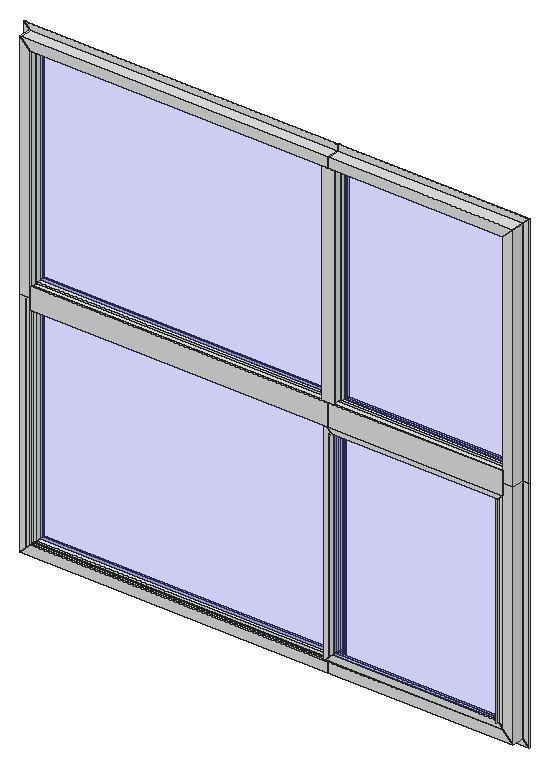
Revit family "531_XO-UT_stucco", category Windows, host Wall, Revit 2016
Family settings
  Host = Wall
  OmniClass Number = 23.30.20.00
  OmniClass Title = Windows
  Always vertical = Yes
  Cut with Voids When Loaded = No
  Shared = No
  Room Calculation Point = No
Parameters (values of type "96x90")
  VBS = 36"
  MLW3 = 1 / 8 * HBS  # 5 5/8"
  MLW2 = 1 / 8 * (Width - VBS)  # 7 1/2"
  MLW = 1 / 8 * VBS  # 4 1/2"
  Interior Color [instance] = White
  Height = 90"
  HBS = 1 / 2 * Height  # 45"
  Exterior Color [instance] = White
  Default Sill Height = 31.49606"
  Wall Closure = By host
  Width = 96"
Reference planes (in)
  plane 1 "Center (Front/Back)": y = 0
  plane 2 "Center (Left/Right)": x = 0
  plane 3 "Left": x = -48
  plane 4 "Right": x = 48
  plane 5 "Sill": z = 31.49606
  plane 6 "Head": z = 121.49606
  plane 7 "Exterior": y = 3.93701
  plane 8 "Interior": y = -3.93701
  plane 9 "Front of wall": y = 3.93701
  plane 10 "HBS": z = 76.49606
  plane 11 "VBS": x = 12
  plane 12: x = 11.13398
  plane 13: x = 45.4765
  plane 14: x = 11.5
  plane 15: x = -46.6
  plane 16: x = 46.60086
  plane 17: x = 12.7501
  plane 18: z = 74.88606
  plane 19: z = 78.10606
  plane 20: z = 120.09682
  plane 21: z = 32.89606
  plane 22: z = 73.76406
  plane 23: z = 34.06206
  plane 24 "Front of glass": y = 4.58851
Forms (in)
  Extrusion 1, solid, material "White" <- "Interior Color"
    sketch origin (0, 0, 76.49606) x (1, 0, 0) y (0, 1, 0)
      loop
        line (-48, 1.50201) -> (-46.1, 1.50201) -> (-46.1, 1.70201) -> (-46.4451, 1.70201) -> (-46.4451, 3.20201) -> (-46.1001, 3.20201) -> (-46.1001, 3.81451) -> (-46.6001, 3.81451) -> (-46.6001, 4.55851) -> (-46.13685, 4.55851) -> (-46.1621, 4.59801) -> (-46.1621, 4.96191) -> (-46.725, 4.96191) -> (-46.725, 5.00201) -> (-48.2, 5.00201) -> (-48.2, 4.93701) -> (-48, 4.93701) -> (-48, 4.00201) -> (-49.25, 4.00201) -> (-49.25, 3.93701) -> (-48, 3.93701) -> (-48, 1.50201)
    from 0 to 46.25
  Extrusion 2, solid, material "White" <- "Interior Color"
    sketch origin (0, 0, 76.49606) x (1, 0, 0) y (0, 1, 0)
      loop
        line (10.7499, 1.50201) -> (13.2501, 1.50201) -> (13.2501, 1.70201) -> (12.9051, 1.70201) -> (12.9051, 3.20201) -> (13.2501, 3.20201) -> (13.2501, 3.81451) -> (12.7501, 3.81451) -> (12.7501, 4.55851) -> (13.21336, 4.55851) -> (13.1881, 4.59801) -> (13.1881, 4.96191) -> (12.6251, 4.96191) -> (12.6251, 5.00201) -> (11.3749, 5.00201) -> (11.3749, 4.96191) -> (10.8119, 4.96191) -> (10.8119, 4.59801) -> (10.78664, 4.55851) -> (11.2499, 4.55851) -> (11.2499, 3.81451) -> (10.7499, 3.81451) -> (10.7499, 3.20201) -> (11.0949, 3.20201) -> (11.0949, 1.70201) -> (10.7499, 1.70201) -> (10.7499, 1.50201)
    from 0 to 45
  Extrusion 3, solid, material "White" <- "Interior Color"
    sketch origin (0, 0, 76.49606) x (1, 0, 0) y (0, 1, 0)
      loop
        line (48, 1.50201) -> (48, 3.93701) -> (49.25, 3.93701) -> (49.25, 4.00201) -> (48, 4.00201) -> (48, 4.93701) -> (48.2, 4.93701) -> (48.2, 5.00201) -> (46.725, 5.00201) -> (46.725, 4.96191) -> (46.1621, 4.96191) -> (46.1621, 4.59801) -> (46.13685, 4.55851) -> (46.60086, 4.55851) -> (46.60086, 3.81451) -> (46.1001, 3.81451) -> (46.1001, 3.20201) -> (46.4451, 3.20201) -> (46.4451, 1.70201) -> (46.1, 1.70201) -> (46.1, 1.50201) -> (48, 1.50201)
    from 0 to 46.25
  Extrusion 4, solid, material "White" <- "Interior Color"
    sketch origin (12, 0, 0) x (0, 0, 1) y (0, 1, 0)
      loop
        line (32.81212, 4.99191) -> (32.77445, 5.00201) -> (31.29606, 5.00201) -> (31.29606, 4.93701) -> (31.49606, 4.93701) -> (31.49606, 4.00201) -> (30.24606, 4.00201) -> (30.24606, 3.93701) -> (31.49606, 3.93701) -> (31.49606, 1.50201) -> (33.39606, 1.50201) -> (33.39606, 1.70201) -> (33.02406, 1.70201) -> (33.02406, 2.61032) -> (32.89606, 2.61032) -> (32.89606, 3.20201) -> (33.39606, 3.20201) -> (33.39606, 3.84451) -> (32.89606, 3.84451) -> (32.89606, 4.58851) -> (33.35932, 4.58851) -> (33.33406, 4.62801) -> (33.33406, 4.99191) -> (32.81212, 4.99191)
    from 61.25 to 0
  Extrusion 5, solid, material "White" <- "Interior Color"
    sketch origin (12, 0, 0) x (0, 0, 1) y (0, 1, 0)
      loop
        line (121.49606, 1.50201) -> (121.49606, 3.93701) -> (122.74606, 3.93701) -> (122.74606, 4.00201) -> (121.49606, 4.00201) -> (121.49606, 4.93701) -> (121.69606, 4.93701) -> (121.69606, 5.00201) -> (120.22106, 5.00201) -> (120.22106, 4.95973) -> (119.65806, 4.95973) -> (119.65806, 4.59801) -> (119.63281, 4.55851) -> (120.09606, 4.55851) -> (120.09606, 3.81451) -> (119.59606, 3.81451) -> (119.59606, 3.20201) -> (119.94106, 3.20201) -> (119.94106, 1.70201) -> (119.59606, 1.70201) -> (119.59606, 1.50201) -> (121.49606, 1.50201)
    from 61.25 to 0
  Extrusion 6, solid, material "White" <- "Interior Color"
    sketch origin (12, 0, 0) x (0, 0, 1) y (0, 1, 0)
      loop
        line (74.96915, 4.99191) -> (74.44806, 4.99191) -> (74.44806, 4.62801) -> (74.42281, 4.58851) -> (74.88606, 4.58851) -> (74.88606, 3.84451) -> (74.38606, 3.84451) -> (74.38606, 3.20201) -> (75.22973, 3.20201) -> (75.22973, 1.70201) -> (74.38606, 1.70201) -> (74.38606, 1.50201) -> (78.60606, 1.50201) -> (78.60606, 1.70201) -> (78.26098, 1.70201) -> (78.26098, 3.20201) -> (78.60606, 3.20201) -> (78.60606, 3.81451) -> (78.10606, 3.81451) -> (78.10606, 4.55851) -> (78.56932, 4.55851) -> (78.54406, 4.59801) -> (78.54406, 4.96191) -> (77.98106, 4.96191) -> (77.98106, 5.00201) -> (75.01106, 5.00201) -> (74.96915, 4.99191)
    from 60 to 0
  Extrusion 7, solid, material "White" <- "Interior Color"
    sketch origin (12, 0, 0) x (0, 0, 1) y (0, 1, 0)
      loop
        line (31.49606, 1.50201) -> (33.39606, 1.50201) -> (33.39606, 1.70201) -> (34.56206, 1.70201) -> (34.56206, 1.94451) -> (34.06206, 1.94451) -> (34.06206, 2.06651) -> (34.56206, 2.06651) -> (34.56206, 2.56651) -> (34.06206, 2.56651) -> (34.06206, 2.68851) -> (34.52532, 2.68851) -> (34.50006, 2.72801) -> (34.50006, 3.10201) -> (33.39606, 3.10201) -> (33.39606, 3.75201) -> (32.64606, 3.75201) -> (32.64606, 4.25201) -> (32.77106, 4.25201) -> (32.77106, 5.00201) -> (31.29606, 5.00201) -> (31.29606, 4.93701) -> (31.49606, 4.93701) -> (31.49606, 4.00201) -> (30.24606, 4.00201) -> (30.24606, 3.93701) -> (31.49606, 3.93701) -> (31.49606, 1.50201)
    from 0.86602 to -37.25
  Extrusion 8, solid, material "White" <- "Interior Color"
    sketch origin (12, 0, 0) x (0, 0, 1) y (0, 1, 0)
      loop
        line (121.49606, 1.50201) -> (121.49606, 3.93701) -> (122.74607, 3.93701) -> (122.74607, 4.00201) -> (121.49606, 4.00201) -> (121.49606, 4.93701) -> (121.69606, 4.93701) -> (121.69606, 5.00201) -> (120.22106, 5.00201) -> (120.22106, 4.96191) -> (119.65803, 4.96191) -> (119.65803, 4.59801) -> (119.63281, 4.55851) -> (120.09606, 4.55851) -> (120.09606, 4.43651) -> (119.59606, 4.43651) -> (119.59606, 3.93651) -> (120.09606, 3.93651) -> (120.09606, 3.81451) -> (119.59606, 3.81451) -> (119.59606, 3.20201) -> (119.94106, 3.20201) -> (119.94106, 1.70201) -> (119.59491, 1.70201) -> (119.59491, 1.50201) -> (121.49606, 1.50201)
    from 0 to -37.25
  Extrusion 9, solid, material "White" <- "Interior Color"
    sketch origin (12, 0, 0) x (0, 0, 1) y (0, 1, 0)
      loop
        line (73.88906, 3.10201) -> (73.85139, 3.09191) -> (73.32606, 3.09191) -> (73.32606, 2.72801) -> (73.30081, 2.68851) -> (73.76406, 2.68851) -> (73.76406, 2.56651) -> (73.26406, 2.56651) -> (73.26406, 2.06651) -> (73.76406, 2.06651) -> (73.76406, 1.94451) -> (73.26406, 1.94451) -> (73.26406, 1.70201) -> (74.38606, 1.70201) -> (74.38606, 1.50201) -> (78.60606, 1.50201) -> (78.60606, 1.70201) -> (78.26107, 1.70201) -> (78.26107, 3.20201) -> (78.60606, 3.20201) -> (78.60606, 3.81451) -> (78.10506, 3.81451) -> (78.10606, 3.93651) -> (78.60606, 3.93651) -> (78.60606, 4.43651) -> (78.10606, 4.43651) -> (78.10606, 4.55851) -> (78.56932, 4.55851) -> (78.54406, 4.59801) -> (78.54406, 4.96191) -> (77.98106, 4.95973) -> (77.98106, 5.00201) -> (75.01106, 5.00201) -> (75.01106, 4.25201) -> (75.13606, 4.25201) -> (75.13606, 3.75201) -> (74.38606, 3.75201) -> (74.38606, 3.10201) -> (73.88906, 3.10201)
    from 0.86602 to -36
  Extrusion 10, solid, material "White" <- "Interior Color"
    sketch origin (0, 0, 31.49606) x (0, -1, 0) y (1, 0, 0)
      loop
        line (-1.50201, -48) -> (-1.50201, -46.1) -> (-1.70201, -46.1) -> (-1.70201, -46.975) -> (-3.20201, -46.975) -> (-3.20201, -46.1005) -> (-3.84451, -46.1005) -> (-3.84451, -46.6005) -> (-4.58851, -46.6005) -> (-4.58851, -46.13724) -> (-4.62801, -46.1625) -> (-4.99191, -46.1625) -> (-4.99191, -46.69787) -> (-5.00201, -46.74) -> (-5.00201, -48.2) -> (-4.93701, -48.2) -> (-4.93701, -48) -> (-4.00201, -48) -> (-4.00201, -49.25) -> (-3.93701, -49.25) -> (-3.93701, -48) -> (-1.50201, -48)
    from -1.25 to 45
  Extrusion 11, solid, material "White" <- "Interior Color"
    sketch origin (0, 0, 31.49606) x (0, -1, 0) y (1, 0, 0)
      loop
        line (-1.50201, 48) -> (-3.93701, 48) -> (-3.93701, 49.25) -> (-4.00201, 49.25) -> (-4.00201, 48) -> (-4.93701, 48) -> (-4.93701, 48.2) -> (-5.00201, 48.2) -> (-5.00201, 46.725) -> (-4.25201, 46.725) -> (-4.25201, 46.85) -> (-3.75201, 46.85) -> (-3.75201, 46.1) -> (-3.19157, 46.1) -> (-3.10201, 46.1) -> (-3.10201, 45.6155) -> (-3.09191, 45.57287) -> (-3.09191, 45.0375) -> (-2.72801, 45.0375) -> (-2.68851, 45.01224) -> (-2.68851, 45.4765) -> (-1.94451, 45.4765) -> (-1.94451, 44.9755) -> (-1.26451, 44.9755)
        arc (-1.26451, 44.9755) -> (-1.21774, 45.07946) -> (-1.32656, 45.0455) r 0.0625
        line (-1.32656, 45.0455) -> (-1.70201, 45.0455) -> (-1.70201, 46.1) -> (-1.50201, 46.1) -> (-1.50201, 48)
    from -1.25 to 45
  Extrusion 12, solid, material "White" <- "Interior Color"
    sketch origin (0, 0, 31.49606) x (0, -1, 0) y (1, 0, 0)
      loop
        line (-5.00201, 11.625) -> (-4.99191, 11.58526) -> (-4.99191, 11.062) -> (-4.62801, 11.062) -> (-4.58851, 11.03674) -> (-4.58851, 11.5) -> (-3.84451, 11.5) -> (-3.84451, 11) -> (-1.70201, 11) -> (-1.70201, 12.43) -> (-1.32755, 12.43)
        arc (-1.32755, 12.43) -> (-1.21851, 12.39519) -> (-1.26451, 12.5) r 0.06279
        line (-1.26451, 12.5) -> (-1.94451, 12.5) -> (-1.94451, 12) -> (-2.68851, 12) -> (-2.68851, 12.46326) -> (-2.72801, 12.438) -> (-3.23201, 12.438) -> (-3.23201, 12.625) -> (-3.68201, 12.625) -> (-3.68201, 13.04) -> (-3.78201, 13.04) -> (-3.78201, 12.625) -> (-4.28201, 12.625) -> (-4.28201, 13.04) -> (-4.38201, 13.04) -> (-4.38201, 12.625) -> (-5.00201, 12.625) -> (-5.00201, 11.625)
    from 0 to 45
  Sweep 13, void
    path in 3D
      loop
        line (46.80662, 8.3967, 121.49606) -> (46.80662, 3.93701, 121.49606)
    profile origin (46.80662, 6.16685, 121.49606) x (1, 0, 0) y (0, 0, 1)
      loop
        line (3.1893, 1.99592) -> (-1.79926, -2.99264) -> (3.45074, -2.99264) -> (3.1893, 1.99592)
  Sweep 14, void
    path in 3D
      loop
        line (46.80662, 8.3967, 121.49606) -> (46.80662, 3.93701, 121.49606)
    profile origin (46.80662, 6.16685, 121.49606) x (1, 0, 0) y (0, 0, 1)
      loop
        line (3.09719, 1.90381) -> (-2.15281, 1.90381) -> (-2.15281, -3.34619) -> (3.09719, 1.90381)
  Sweep 15, void
    path in 3D
      loop
        line (1.39508, 8.6167, 121.49606) -> (1.39508, 3.93701, 121.49606)
    profile origin (1.39508, 6.27686, 121.49606) x (1, 0, 0) y (0, 0, 1)
      loop
        line (12.0647, -2.10967) -> (11.23003, -1.275) -> (9.97982, -1.275) -> (9.14515, -2.10967) -> (12.0647, -2.10967)
  Sweep 16, void
    path in 3D
      loop
        line (1.39508, 8.6167, 121.49606) -> (1.39508, 3.93701, 121.49606)
    profile origin (1.39508, 6.27686, 121.49606) x (1, 0, 0) y (0, 0, 1)
      loop
        line (12.233, -2.27797) -> (12.233, 1.6256) -> (8.483, 1.6256) -> (8.483, -2.77182) -> (9.97982, -1.275) -> (11.23003, -1.275) -> (12.233, -2.27797)
  Sweep 17, void
    path in 3D
      loop
        line (-46.76975, 9.89862, 121.49606) -> (-46.76975, 3.93701, 121.49606)
    profile origin (-46.76975, 6.91781, 121.49606) x (1, 0, 0) y (0, 0, 1)
      loop
        line (-3.09116, 1.86091) -> (-3.09116, -2.63909) -> (1.40884, -2.63909) -> (-3.09116, 1.86091)
  Sweep 18, void
    path in 3D
      loop
        line (-46.76975, 9.89862, 121.49606) -> (-46.76975, 3.93701, 121.49606)
    profile origin (-46.76975, 6.91781, 121.49606) x (1, 0, 0) y (0, 0, 1)
      loop
        line (-2.87149, 1.64124) -> (0.87851, -2.10876) -> (0.87851, 1.64124) -> (-2.87149, 1.64124)
  Sweep 19, void
    path in 3D
      loop
        line (-45.76975, 9.89862, 76.49606) -> (-45.76975, 3.93701, 76.49606)
    profile origin (-45.76975, 6.91781, 76.49606) x (1, 0, 0) y (0, 0, 1)
      loop
        line (-0.97025, 1.47) -> (-0.97025, -1.47) -> (0.17795, -2.6182) -> (0.17795, 2.6182) -> (-0.97025, 1.47)
  Sweep 20, void
    path in 3D
      loop
        line (-45.76975, 9.89862, 76.49606) -> (-45.76975, 3.93701, 76.49606)
    profile origin (-45.76975, 6.91781, 76.49606) x (1, 0, 0) y (0, 0, 1)
      loop
        line (0.21676, 2.65701) -> (-3.86226, 2.65701) -> (-3.86226, -2.34299) -> (-0.09726, -2.34299) -> (-0.97025, -1.47) -> (-0.97025, 1.47) -> (0.21676, 2.65701)
  Sweep 21, void
    path in 3D
      loop
        line (-44.51975, 9.89862, 31.49606) -> (-44.51975, 3.93701, 31.49606)
    profile origin (-44.51975, 6.91781, 31.49606) x (1, 0, 0) y (0, 0, 1)
      loop
        line (-5.48761, -2.00736) -> (-0.48761, -2.00736) -> (-0.48761, 2.99264) -> (-5.48761, -2.00736)
  Sweep 22, void
    path in 3D
      loop
        line (-44.51975, 9.89862, 31.49606) -> (-44.51975, 3.93701, 31.49606)
    profile origin (-44.51975, 6.91781, 31.49606) x (1, 0, 0) y (0, 0, 1)
      loop
        line (-5.29156, -1.81131) -> (-0.66439, 2.81586) -> (-5.29156, 2.81586) -> (-5.29156, -1.81131)
  Sweep 23, void
    path in 3D
      loop
        line (12.75, 8.6167, 31.49606) -> (12.75, 3.93701, 31.49606)
    profile origin (12.75, 6.27686, 31.49606) x (1, 0, 0) y (0, 0, 1)
      loop
        line (-2.51221, 2.66221) -> (-2.51221, -1.975) -> (0.375, -1.975) -> (0.375, 1.275) -> (-1.125, 1.275) -> (-2.51221, 2.66221)
  Sweep 24, void
    path in 3D
      loop
        line (12.75, 8.6167, 31.49606) -> (12.75, 3.93701, 31.49606)
    profile origin (12.75, 6.27686, 31.49606) x (1, 0, 0) y (0, 0, 1)
      loop
        line (-1.125, 1.275) -> (-0.75, 1.275) -> (-0.75, 2.525) -> (-2.375, 2.525) -> (-1.125, 1.275)
  Extrusion 25, void
    sketch origin (0, 3.93701, 0) x (1, 0, 0) y (0, 0, 1)
      loop
        line (13.084, 35.14606) -> (10.584, 35.14606) -> (10.584, 30.64606) -> (12, 30.64606) -> (12, 33.39606) -> (11.334, 33.39606) -> (13.084, 35.14606)
    from 0 to 12
  Extrusion 26, void
    sketch origin (0, 3.93701, 0) x (1, 0, 0) y (0, 0, 1)
      loop
        line (12.5, 34.56206) -> (11.334, 33.39606) -> (10.45391, 33.39606) -> (10.45391, 30.89606) -> (13.20391, 30.89606) -> (13.20391, 34.56206) -> (12.5, 34.56206)
    from 0 to 12
  Extrusion 27, void
    sketch origin (0, 3.93701, 0) x (1, 0, 0) y (0, 0, 1)
      loop
        line (13.13885, 72.62522) -> (11.378, 74.38606) -> (12, 74.38606) -> (12, 79.38587) -> (10.5, 79.38587) -> (10.5, 72.62522) -> (13.13885, 72.62522)
    from 0 to 12
  Extrusion 28, void
    sketch origin (0, 3.93701, 0) x (1, 0, 0) y (0, 0, 1)
      loop
        line (12.5, 73.26406) -> (14.27278, 73.26406) -> (14.27278, 78.60606) -> (10.628, 78.60606) -> (10.628, 74.38606) -> (11.378, 74.38606) -> (12.5, 73.26406)
    from 0 to 12
  Extrusion 29, void
    sketch origin (0, 3.93701, 0) x (1, 0, 0) y (0, 0, 1)
      loop
        line (43.35, 71.63856) -> (49.85, 71.63856) -> (49.85, 80.13856) -> (46.1, 80.13856) -> (46.1, 74.38856) -> (43.35, 71.63856)
    from 0 to 12
  Extrusion 30, void
    sketch origin (0, 3.93701, 0) x (1, 0, 0) y (0, 0, 1)
      loop
        line (43.8475, 72.13606) -> (46.0975, 74.38606) -> (46.0975, 77.38606) -> (43.8475, 77.38606) -> (43.8475, 72.13606)
    from 0 to 12
  Extrusion 31, void
    sketch origin (0, 3.93701, 0) x (1, 0, 0) y (0, 0, 1)
      loop
        line (49.40381, 30.09226) -> (43.40381, 36.09226) -> (43.40381, 30.09226) -> (49.40381, 30.09226)
    from 0 to 12
  Extrusion 32, void
    sketch origin (0, 3.93701, 0) x (1, 0, 0) y (0, 0, 1)
      loop
        line (49.93497, 29.56109) -> (49.93497, 35.7387) -> (43.75736, 35.7387) -> (49.93497, 29.56109)
    from 0 to 12
  Sweep 33, void
    path in 3D
      loop
        line (11.5, 8.6167, 76.49606) -> (11.5, 3.93701, 76.49606)
    profile origin (11.5, 6.27686, 76.49606) x (1, 0, 0) y (0, 0, 1)
      loop
        line (-1.00899, 2.36888) -> (-0.1251, 1.485) -> (1.1251, 1.485) -> (2.00899, 2.36888) -> (-1.00899, 2.36888)
  Sweep 34, void
    path in 3D
      loop
        line (11.5, 8.6167, 76.49606) -> (11.5, 3.93701, 76.49606)
    profile origin (11.5, 6.27686, 76.49606) x (1, 0, 0) y (0, 0, 1)
      loop
        line (-1.49364, 2.85354) -> (-1.49364, -3.10364) -> (0.125, -1.485) -> (2.06847, -1.485) -> (2.06847, 2.42836) -> (1.1251, 1.485) -> (-0.1251, 1.485) -> (-1.49364, 2.85354)
  Sweep 35, void
    path in 3D
      loop
        line (11.5, 8.6167, 76.49606) -> (11.5, 3.93701, 76.49606)
    profile origin (11.5, 6.27686, 76.49606) x (1, 0, 0) y (0, 0, 1)
      loop
        line (-0.655, -2.265) -> (0.5, -2.265) -> (0.5, -1.485) -> (0.125, -1.485) -> (-0.655, -2.265)
  Sweep 36, void
    path in 3D
      loop
        line (11.5, 8.6167, 76.49606) -> (11.5, 3.93701, 76.49606)
    profile origin (11.5, 6.27686, 76.49606) x (1, 0, 0) y (0, 0, 1)
      loop
        line (-0.98479, 2.34469) -> (-0.98479, 1.485) -> (-0.36602, 1.485) -> (-0.36602, -1.485) -> (0.5, -1.485) -> (0.5, 1.485) -> (-0.1251, 1.485) -> (-0.98479, 2.34469)
  Sweep 37, void
    path in 3D
      loop
        line (47.5, 8.3967, 76.49606) -> (47.5, 3.93701, 76.49606)
    profile origin (47.5, 6.16685, 76.49606) x (1, 0, 0) y (0, 0, 1)
      loop
        line (-2.81257, 3.52257) -> (-2.81257, -3.52257) -> (-0.775, -1.485) -> (-0.775, 1.485) -> (-2.81257, 3.52257)
  Sweep 38, void
    path in 3D
      loop
        line (47.5, 8.3967, 76.49606) -> (47.5, 3.93701, 76.49606)
    profile origin (47.5, 6.16685, 76.49606) x (1, 0, 0) y (0, 0, 1)
      loop
        line (-2.025, 2.735) -> (-0.775, 1.485) -> (-0.775, -3.765) -> (2.475, -3.765) -> (2.475, 2.735) -> (-2.025, 2.735)
  Sweep 39, void
    path in 3D
      loop
        line (48.75, 8.3967, 31.49606) -> (48.75, 3.93701, 31.49606)
    profile origin (48.75, 6.16685, 31.49606) x (1, 0, 0) y (0, 0, 1)
      loop
        line (-3.26091, 2.51091) -> (-3.26091, -1.98909) -> (1.23909, -1.98909) -> (-3.26091, 2.51091)
  Sweep 40, void
    path in 3D
      loop
        line (48.75, 8.3967, 31.49606) -> (48.75, 3.93701, 31.49606)
    profile origin (48.75, 6.16685, 31.49606) x (1, 0, 0) y (0, 0, 1)
      loop
        line (-3.44653, 2.69653) -> (1.18497, -1.93497) -> (1.18497, 2.69653) -> (-3.44653, 2.69653)
  Sweep 41, void
    path in 3D
      loop
        line (12.75, 8.6167, 31.49606) -> (12.75, 3.93701, 31.49606)
    profile origin (12.75, 6.27686, 31.49606) x (1, 0, 0) y (0, 0, 1)
      loop
        line (-0.75, 1.27839) -> (-1.61602, 1.27839) -> (-1.61602, -1.95854) -> (-0.75, -1.95854) -> (-0.75, 1.27839)
  Extrusion 42, void
    sketch origin (0, 3.93701, 0) x (1, 0, 0) y (0, 0, 1)
      loop
        line (-45.17843, 34.31764) -> (-50.00736, 29.4887) -> (-45.17843, 29.4887) -> (-45.17843, 34.31764)
    from 0 to 12
  Extrusion 43, void
    sketch origin (0, 3.93701, 0) x (1, 0, 0) y (0, 0, 1)
      loop
        line (-45.38553, 34.11053) -> (-49.63553, 34.11053) -> (-49.63553, 29.86053) -> (-45.38553, 34.11053)
    from 0 to 12
  Extrusion 44, void
    sketch origin (0, 3.93701, 0) x (1, 0, 0) y (0, 0, 1)
      loop
        line (-46.1, 80.34097) -> (-54.74016, 80.34097) -> (-54.74016, 72.84097) -> (-46.1, 72.84097) -> (-46.1, 80.34097)
    from 0 to 12
  Extrusion 45, void
    sketch origin (0, 3.93701, 0) x (1, 0, 0) y (0, 0, 1)
      loop
        line (-45.07487, 118.57094) -> (-49.86091, 123.35698) -> (-49.86091, 118.57094) -> (-45.07487, 118.57094)
    from 0 to 12
  Extrusion 46, void
    sketch origin (0, 3.93701, 0) x (1, 0, 0) y (0, 0, 1)
      loop
        line (-45.25165, 118.74771) -> (-45.25165, 123.32485) -> (-49.82878, 123.32485) -> (-45.25165, 118.74771)
    from 0 to 12
  Extrusion 47, void
    sketch origin (0, 3.93701, 0) x (1, 0, 0) y (0, 0, 1)
      loop
        line (9.68225, 119.59606) -> (14.93225, 119.59606) -> (14.93225, 123.34606) -> (9.68225, 123.34606) -> (9.68225, 119.59606)
    from 0 to 12
  Extrusion 48, void
    sketch origin (0, 3.93701, 0) x (1, 0, 0) y (0, 0, 1)
      loop
        line (44.67843, 118.17334) -> (49.80845, 118.17334) -> (49.80845, 123.30337) -> (44.67843, 118.17334)
    from 0 to 12
  Extrusion 49, void
    sketch origin (0, 3.93701, 0) x (1, 0, 0) y (0, 0, 1)
      loop
        line (49.90496, 123.39987) -> (45.52513, 123.39987) -> (45.52513, 119.02004) -> (49.90496, 123.39987)
    from 0 to 12
  Extrusion 50, solid, material "Glass"
    sketch origin (0, 0, 76.49606) x (1, 0, 0) y (0, 1, 0)
      loop
        line (-46.6, 3.81451) -> (11.5, 3.81451) -> (11.5, 4.55851) -> (-46.6, 4.55851) -> (-46.6, 3.81451)
    from 1.61 to 43.60076
  Extrusion 51, solid, material "Glass"
    sketch origin (0, 0, 76.49606) x (1, 0, 0) y (0, 1, 0)
      loop
        line (12.7501, 3.81451) -> (46.60086, 3.81451) -> (46.60086, 4.55851) -> (12.7501, 4.55851) -> (12.7501, 3.81451)
    from 1.61 to 43.60076
  Extrusion 52, solid, material "Glass"
    sketch origin (0, 0, 31.49606) x (0, -1, 0) y (1, 0, 0)
      loop
        line (-3.84451, -46.6) -> (-3.84451, 11.5) -> (-4.58851, 11.5) -> (-4.58851, -46.6) -> (-3.84451, -46.6)
    from 1.4 to 43.39
  Extrusion 53, solid, material "Glass"
    sketch origin (0, 0, 31.49606) x (0, -1, 0) y (1, 0, 0)
      loop
        line (-2.68851, 12) -> (-1.94451, 12) -> (-1.94451, 45.4765) -> (-2.68851, 45.4765) -> (-2.68851, 12)
    from 42.268 to 2.566
Cuts and joins
  Sweep 14, Extrusion 30, Sweep 37, Extrusion 49 cuts Extrusion 3
  Sweep 13, Sweep 15, Extrusion 48 cuts Extrusion 8
  Sweep 15, Sweep 17, Extrusion 45 cuts Extrusion 5
  Sweep 16, Extrusion 28, Sweep 34, Sweep 35, Sweep 36, Extrusion 47 cuts Extrusion 2
  Sweep 18, Sweep 19, Extrusion 46 cuts Extrusion 1
  Sweep 19, Sweep 21, Extrusion 42 cuts Extrusion 10
  Sweep 20, Sweep 33, Sweep 35, Extrusion 44 cuts Extrusion 6
  Sweep 22, Sweep 24, Extrusion 43 cuts Extrusion 4
  Sweep 23, Extrusion 26, Extrusion 28, Sweep 34, Sweep 36, Sweep 41 cuts Extrusion 12
  Extrusion 25, Extrusion 32, Sweep 40, Sweep 41 cuts Extrusion 7
  Extrusion 27, Extrusion 29, Sweep 33, Sweep 36, Sweep 38 cuts Extrusion 9
  Extrusion 30, Extrusion 31, Sweep 37, Sweep 39 cuts Extrusion 11
Lines and regions (in)
  Opening 1
    outline origin (137.79528, -3.93701, 0) x (1, 0, 0) y (0, 0, 1)
      loop
        line (-89.79528, 31.49606) -> (-89.79528, 121.49606) -> (-185.79528, 121.49606) -> (-185.79528, 31.49606) -> (-89.79528, 31.49606)
  reference lines
    curve 1: line (-46.76975, 9.89862, 121.49606) -> (-46.76975, 3.93701, 121.49606)
    curve 2: line (-45.76975, 9.89862, 76.49606) -> (-45.76975, 3.93701, 76.49606)
    curve 3: line (-44.51975, 9.89862, 31.49606) -> (-44.51975, 3.93701, 31.49606)
    curve 4: line (1.39508, 8.6167, 121.49606) -> (1.39508, 3.93701, 121.49606)
    curve 5: line (11.5, 8.6167, 76.49606) -> (11.5, 3.93701, 76.49606)
    curve 6: line (12.75, 8.6167, 31.49606) -> (12.75, 3.93701, 31.49606)
    curve 7: line (46.80662, 8.3967, 121.49606) -> (46.80662, 3.93701, 121.49606)
    curve 8: line (47.5, 8.3967, 76.49606) -> (47.5, 3.93701, 76.49606)
    curve 9: line (48.75, 8.3967, 31.49606) -> (48.75, 3.93701, 31.49606)
    curve 34: line (32.5, 4.93055, 102.30106) -> (27.5, 4.93055, 102.30106)
    curve 35: line (32.5, 4.93055, 97.30106) -> (32.5, 4.93055, 102.30106)
    curve 36: line (27.5, 4.93055, 97.30106) -> (32.5, 4.93055, 97.30106)
    curve 37: line (27.5, 4.93055, 102.30106) -> (27.5, 4.93055, 97.30106)
    curve 38: line (30, 4.93055, 97.30106) -> (30, 4.93055, 103.80106)
    curve 39: line (32.5, 4.93055, 99.80106) -> (25, 4.93055, 99.80106)
    curve 40: line (-15.5, 4.93055, 101.49606) -> (-20.5, 4.93055, 101.49606)
    curve 41: line (-15.5, 4.93055, 96.49606) -> (-15.5, 4.93055, 101.49606)
    curve 42: line (-20.5, 4.93055, 96.49606) -> (-15.5, 4.93055, 96.49606)
    curve 43: line (-20.5, 4.93055, 101.49606) -> (-20.5, 4.93055, 96.49606)
    curve 47: line (-18, 4.93055, 96.49606) -> (-18, 4.93055, 102.99606)
    curve 48: line (-15.5, 4.93055, 98.99606) -> (-23, 4.93055, 98.99606)
    curve 49: line (-15.5, 4.93055, 56.49606) -> (-20.5, 4.93055, 56.49606)
    curve 50: line (-15.5, 4.93055, 51.49606) -> (-15.5, 4.93055, 56.49606)
    curve 51: line (-20.5, 4.93055, 51.49606) -> (-15.5, 4.93055, 51.49606)
    curve 52: line (-20.5, 4.93055, 56.49606) -> (-20.5, 4.93055, 51.49606)
    curve 56: line (-18, 4.93055, 51.49606) -> (-18, 4.93055, 57.99606)
    curve 57: line (-15.5, 4.93055, 53.99606) -> (-23, 4.93055, 53.99606)
    curve 64: line (-15.5, 0, 56.49606) -> (-20.5, 0, 56.49606)
    curve 65: line (-15.5, 0, 51.49606) -> (-15.5, 0, 56.49606)
    curve 66: line (-20.5, 0, 51.49606) -> (-15.5, 0, 51.49606)
    curve 67: line (-20.5, 0, 56.49606) -> (-20.5, 0, 51.49606)
    curve 68: line (-18, 0, 51.49606) -> (-18, 0, 58.99606)
    curve 69: line (-15.5, 0, 53.99606) -> (-22.5, 0, 53.99606)
    curve 73: line (-15.5, 0, 101.49606) -> (-20.5, 0, 101.49606)
    curve 74: line (-15.5, 0, 96.49606) -> (-15.5, 0, 101.49606)
    curve 75: line (-20.5, 0, 96.49606) -> (-15.5, 0, 96.49606)
    curve 76: line (-20.5, 0, 101.49606) -> (-20.5, 0, 96.49606)
    curve 77: line (-18, 0, 96.49606) -> (-18, 0, 103.99606)
    curve 78: line (-15.5, 0, 98.99606) -> (-22.5, 0, 98.99606)
    curve 82: line (32.5, 0, 101.49606) -> (27.5, 0, 101.49606)
    curve 83: line (32.5, 0, 96.49606) -> (32.5, 0, 101.49606)
    curve 84: line (27.5, 0, 96.49606) -> (32.5, 0, 96.49606)
    curve 85: line (27.5, 0, 101.49606) -> (27.5, 0, 96.49606)
    curve 86: line (30, 0, 96.49606) -> (30, 0, 103.99606)
    curve 87: line (32.5, 0, 98.99606) -> (25.5, 0, 98.99606)
  sketch lines
    curve 10: line (46.80662, 8.3967, 121.49606) -> (46.80662, 3.93701, 121.49606)
    curve 11: line (46.80662, 8.3967, 121.49606) -> (46.80662, 3.93701, 121.49606)
    curve 12: line (1.39508, 8.6167, 121.49606) -> (1.39508, 3.93701, 121.49606)
    curve 13: line (1.39508, 8.6167, 121.49606) -> (1.39508, 3.93701, 121.49606)
    curve 14: line (-46.76975, 9.89862, 121.49606) -> (-46.76975, 3.93701, 121.49606)
    curve 15: line (-46.76975, 9.89862, 121.49606) -> (-46.76975, 3.93701, 121.49606)
    curve 16: line (-45.76975, 9.89862, 76.49606) -> (-45.76975, 3.93701, 76.49606)
    curve 17: line (-45.76975, 9.89862, 76.49606) -> (-45.76975, 3.93701, 76.49606)
    curve 18: line (-44.51975, 9.89862, 31.49606) -> (-44.51975, 3.93701, 31.49606)
    curve 19: line (-44.51975, 9.89862, 31.49606) -> (-44.51975, 3.93701, 31.49606)
    curve 20: line (12.75, 8.6167, 31.49606) -> (12.75, 3.93701, 31.49606)
    curve 21: line (12.75, 8.6167, 31.49606) -> (12.75, 3.93701, 31.49606)
    curve 22: line (11.5, 8.6167, 76.49606) -> (11.5, 3.93701, 76.49606)
    curve 23: line (11.5, 8.6167, 76.49606) -> (11.5, 3.93701, 76.49606)
    curve 24: line (11.5, 8.6167, 76.49606) -> (11.5, 3.93701, 76.49606)
    curve 25: line (11.5, 8.6167, 76.49606) -> (11.5, 3.93701, 76.49606)
    curve 26: line (47.5, 8.3967, 76.49606) -> (47.5, 3.93701, 76.49606)
    curve 27: line (47.5, 8.3967, 76.49606) -> (47.5, 3.93701, 76.49606)
    curve 28: line (48.75, 8.3967, 31.49606) -> (48.75, 3.93701, 31.49606)
    curve 29: line (48.75, 8.3967, 31.49606) -> (48.75, 3.93701, 31.49606)
    curve 30: line (12.75, 8.6167, 31.49606) -> (12.75, 3.93701, 31.49606)
  model lines
    curve 31: line (43.12064, 3.93701, 53.99606) -> (14.12064, 3.93701, 53.99606)
    curve 32: line (14.12064, 3.93701, 53.99606) -> (18.09811, 3.93701, 57.97354)
    curve 33: line (14.12064, 3.93701, 53.99606) -> (18.09811, 3.93701, 50.01859)
    curve 44: line (-15.5, 4.93055, 101.49606) -> (-20.5, 4.93055, 96.49606)
    curve 45: line (-20.5, 4.93055, 98.99606) -> (-18, 4.93055, 101.49606)
    curve 46: line (-18, 4.93055, 96.49606) -> (-15.5, 4.93055, 98.99606)
    curve 53: line (-15.5, 4.93055, 56.49606) -> (-20.5, 4.93055, 51.49606)
    curve 54: line (-20.5, 4.93055, 53.99606) -> (-18, 4.93055, 56.49606)
    curve 55: line (-18, 4.93055, 51.49606) -> (-15.5, 4.93055, 53.99606)
    curve 58: line (27.5, 4.58851, 99.80106) -> (30, 4.58851, 102.30106)
    curve 59: line (27.5, 4.58851, 97.30106) -> (32.5, 4.58851, 102.30106)
    curve 60: line (30, 4.58851, 97.30106) -> (32.5, 4.58851, 99.80106)
  symbolic lines
    curve 61: line (14.12064, 3.93701, 53.99606) -> (18.09811, 3.93701, 57.97354)
    curve 62: line (14.12064, 3.93701, 53.99606) -> (18.09811, 3.93701, 50.01859)
    curve 63: line (14.12064, 3.93701, 53.99606) -> (43.12064, 3.93701, 53.99606)
    curve 70: line (-18, 0, 51.49606) -> (-15.5, 0, 53.99606)
    curve 71: line (-18, 0, 56.49606) -> (-20.5, 0, 53.99606)
    curve 72: line (-20.5, 0, 51.49606) -> (-15.5, 0, 56.49606)
    curve 79: line (-18, 0, 96.49606) -> (-15.5, 0, 98.99606)
    curve 80: line (-18, 0, 101.49606) -> (-20.5, 0, 98.99606)
    curve 81: line (-20.5, 0, 96.49606) -> (-15.5, 0, 101.49606)
    curve 88: line (30, 0, 96.49606) -> (32.5, 0, 98.99606)
    curve 89: line (30, 0, 101.49606) -> (27.5, 0, 98.99606)
    curve 90: line (27.5, 0, 96.49606) -> (32.5, 0, 101.49606)
Text (in)
  text "EXTERIOR" at (-77.29147, 52.45485, 0), in view "Ref. Level"
  text "INTERIOR" at (-78.01048, -32.21994, 0), in view "Ref. Level"
  text "Exterior" at (0, 36.36817, 115.8778), in view "Right"
  text "Exterior" at (0, 40.96394, 105.72475), in view "Left"
Dimensions and locks (in)
  equal spacing: plane 3 "Left", plane 2 "Center (Left/Right)", plane 4 "Right"
  "Width": plane 3 "Left" to plane 4 "Right"
  "Height": plane 5 "Sill" to plane 6 "Head"
  "Default Sill Height": plane 5 "Sill" to level
  locked: plane 7 "Exterior" to host wall at 0
  locked: plane 8 "Interior" to host wall
  "VBS": plane 11 "VBS" to plane 4 "Right"
  "HBS": plane 5 "Sill" to plane 10 "HBS"
  locked: Extrusion 1 sketch curve to plane 3 "Left" at 1.25
  locked: Extrusion 1 sketch curve to plane 9 "Front of wall" at 2.435
  locked: Extrusion 1 sketch curve to Extrusion 1 sketch curve at 1.9
  locked: plane 11 "VBS" to Extrusion 2 sketch curve at 0.6251
  locked: Extrusion 2 sketch curve to plane 11 "VBS" at 0.6251
  locked: Extrusion 2 sketch curve to plane 11 "VBS" at 1.2501
  locked: plane 11 "VBS" to Extrusion 2 sketch curve at 1.2501
  locked: Extrusion 2 sketch curve to plane 9 "Front of wall" at 2.435
  locked: plane 4 "Right" to Extrusion 3 sketch curve at 1.25
  locked: Extrusion 3 sketch curve to plane 9 "Front of wall" at 2.435
  locked: Extrusion 3 sketch curve to Extrusion 3 sketch curve at 1.9
  locked: Extrusion 4 sketch curve to plane 5 "Sill" at 1.25
  locked: plane 9 "Front of wall" to Extrusion 4 sketch curve at 2.435
  locked: Extrusion 4 sketch curve to Extrusion 4 sketch curve at 1.9
  locked: plane 6 "Head" to Extrusion 5 sketch curve at 1.25
  locked: plane 9 "Front of wall" to Extrusion 5 sketch curve at 2.435
  locked: Extrusion 5 sketch curve to Extrusion 5 sketch curve at 1.9
  locked: Extrusion 6 sketch curve to plane 10 "HBS" at 1.485
  locked: plane 10 "HBS" to Extrusion 6 sketch curve at 1.485
  locked: Extrusion 6 sketch curve to plane 10 "HBS" at 2.11
  locked: plane 10 "HBS" to Extrusion 6 sketch curve at 2.11
  locked: plane 9 "Front of wall" to Extrusion 6 sketch curve at 2.435
  locked: Extrusion 7 sketch curve to plane 5 "Sill" at 1.25
  locked: plane 9 "Front of wall" to Extrusion 7 sketch curve at 2.435
  locked: Extrusion 7 sketch curve to Extrusion 7 sketch curve at 1.9
  locked: plane 9 "Front of wall" to Extrusion 8 sketch curve at 2.435
  locked: Extrusion 8 sketch curve to Extrusion 8 sketch curve at 1.90115
  locked: plane 6 "Head" to Extrusion 8 sketch curve at 1.25
  locked: Extrusion 9 sketch curve to plane 10 "HBS" at 1.485
  locked: plane 10 "HBS" to Extrusion 9 sketch curve at 1.485
  locked: Extrusion 9 sketch curve to plane 10 "HBS" at 2.11
  locked: plane 10 "HBS" to Extrusion 9 sketch curve at 2.11
  locked: plane 9 "Front of wall" to Extrusion 9 sketch curve at 2.435
  locked: Extrusion 10 sketch curve to plane 9 "Front of wall" at 2.435
  locked: Extrusion 10 sketch curve to Extrusion 10 sketch curve at 1.9
  locked: Extrusion 10 sketch curve to plane 3 "Left" at 1.25
  locked: plane 4 "Right" to Extrusion 11 sketch curve at 1.25
  locked: Extrusion 11 sketch curve to plane 9 "Front of wall" at 2.435
  locked: Extrusion 11 sketch curve to plane 4 "Right" at 1.9
  locked: Extrusion 12 sketch curve to plane 11 "VBS" at 0.375
  locked: plane 11 "VBS" to Extrusion 12 sketch curve at 0.625
  locked: Extrusion 12 sketch curve to plane 11 "VBS" at 1
  locked: plane 11 "VBS" to Extrusion 12 sketch curve at 0.43
  locked: plane 9 "Front of wall" to Extrusion 12 sketch curve at 2.235
  locked: plane 12 to plane 11 "VBS" at 0.86602
  locked: plane 3 "Left" to plane 15 at 1.4
  locked: plane 14 to plane 11 "VBS" at 0.5
  locked: plane 13 to plane 4 "Right" at 2.5235
  locked: plane 11 "VBS" to plane 17 at 0.7501
  locked: plane 16 to plane 4 "Right" at 1.39914
  locked: plane 5 "Sill" to plane 21 at 1.4
  locked: plane 18 to plane 10 "HBS" at 1.61
  locked: plane 19 to plane 10 "HBS" at 1.61
  locked: plane 20 to plane 6 "Head" at 1.39924
  locked: plane 5 "Sill" to plane 23 at 2.566
  locked: plane 22 to plane 10 "HBS" at 2.732
  equal spacing: plane 5 "Sill", curve 31, plane 10 "HBS"
  locked: plane 11 "VBS" to Sweep 15 sketch curve at 0.6251
  locked: Sweep 15 sketch curve to plane 11 "VBS" at 0.6251
  locked: plane 11 "VBS" to Sweep 15 sketch curve at 1.45978
  locked: Sweep 15 sketch curve to plane 11 "VBS" at 1.45978
  locked: Sweep 16 sketch curve to plane 11 "VBS" at 2.12192
  locked: plane 11 "VBS" to Sweep 16 sketch curve at 1.62808
  locked: plane 11 "VBS" to Sweep 16 sketch curve at 0.6251
  locked: Sweep 16 sketch curve to plane 11 "VBS" at 0.6251
  locked: Extrusion 47 sketch curve to plane 11 "VBS" at 2.31775
  locked: plane 11 "VBS" to Extrusion 47 sketch curve at 2.93225
  locked: plane 24 "Front of glass" to plane 9 "Front of wall" at 0.6515
  locked: plane 11 "VBS" to curve 33 at 2.12064
  locked: curve 31 to plane 4 "Right" at 4.87936
  "MLW3": curve 33 to curve 33
  "MLW3": curve 33 to curve 32
  locked: curve 35 to curve 37 at 5
  locked: curve 36 to curve 34 at 5
  equal spacing: curve 37, curve 38, curve 35
  equal spacing: curve 36, curve 39, curve 34
  equal spacing: curve 45, curve 44, curve 46
  locked: curve 41 to curve 43 at 5
  locked: curve 42 to curve 40 at 5
  equal spacing: curve 43, curve 47, curve 41
  equal spacing: curve 42, curve 48, curve 40
  equal spacing: curve 54, curve 53, curve 55
  locked: curve 50 to curve 52 at 5
  locked: curve 51 to curve 49 at 5
  equal spacing: curve 52, curve 56, curve 50
  equal spacing: curve 51, curve 57, curve 49
  equal spacing: plane 11 "VBS", curve 38, plane 4 "Right"
  equal spacing: plane 19, curve 39, plane 6 "Head"
  equal spacing: plane 10 "HBS", curve 48, plane 6 "Head"
  equal spacing: plane 3 "Left", curve 47, plane 11 "VBS"
  equal spacing: plane 5 "Sill", curve 57, plane 10 "HBS"
  equal spacing: plane 3 "Left", curve 56, plane 11 "VBS"
  "MLW3": curve 63 to curve 61
  "MLW3": curve 63 to curve 62
  locked: curve 65 to curve 67 at 5
  locked: curve 66 to curve 64 at 5
  equal spacing: curve 67, curve 68, curve 65
  equal spacing: curve 66, curve 69, curve 64
  locked: curve 67 to curve 71 at 2.5
  locked: curve 67 to curve 70 at 2.5
  locked: curve 70 to curve 66 at 2.5
  locked: curve 71 to curve 66 at 2.5
  locked: curve 65 to curve 72 at 5
  locked: curve 74 to curve 76 at 5
  locked: curve 75 to curve 73 at 5
  equal spacing: curve 76, curve 77, curve 74
  equal spacing: curve 75, curve 78, curve 73
  locked: curve 76 to curve 80 at 2.5
  locked: curve 76 to curve 79 at 2.5
  locked: curve 79 to curve 75 at 2.5
  locked: curve 80 to curve 75 at 2.5
  locked: curve 74 to curve 81 at 5
  locked: curve 83 to curve 85 at 5
  locked: curve 84 to curve 82 at 5
  equal spacing: curve 85, curve 86, curve 83
  equal spacing: curve 84, curve 87, curve 82
  locked: curve 85 to curve 89 at 2.5
  locked: curve 85 to curve 88 at 2.5
  locked: curve 88 to curve 84 at 2.5
  locked: curve 89 to curve 84 at 2.5
  locked: curve 83 to curve 90 at 5
  equal spacing: plane 6 "Head", curve 78, plane 10 "HBS"
  equal spacing: plane 6 "Head", curve 87, plane 10 "HBS"
  equal spacing: plane 11 "VBS", curve 86, plane 4 "Right"
  equal spacing: plane 3 "Left", curve 77, plane 11 "VBS"
  equal spacing: plane 3 "Left", curve 68, plane 11 "VBS"
  equal spacing: plane 10 "HBS", curve 69, plane 5 "Sill"
  locked: curve 32 to curve 31 (angle 45.00°)
  locked: curve 31 to curve 33 (angle 45.00°)
  aligned and locked: plane 9 "Front of wall" to host wall
  aligned and locked: Extrusion 1 sketch curve to plane 3 "Left"  (x2)
  aligned and locked: Extrusion 1 sketch curve to plane 9 "Front of wall"
  aligned and locked: Extrusion 3 sketch curve to plane 4 "Right"  (x2)
  aligned and locked: plane 9 "Front of wall" to Extrusion 3 sketch curve
  aligned and locked: Extrusion 4 sketch curve to plane 5 "Sill"  (x2)
  aligned and locked: Extrusion 4 sketch curve to plane 9 "Front of wall"
  aligned and locked: Extrusion 5 sketch curve to plane 6 "Head"  (x2)
  aligned and locked: plane 9 "Front of wall" to Extrusion 5 sketch curve
  aligned and locked: Extrusion 7 sketch curve to plane 5 "Sill"  (x2)
  aligned and locked: Extrusion 7 sketch curve to plane 9 "Front of wall"
  aligned and locked: Extrusion 8 sketch curve to plane 6 "Head"  (x2)
  aligned and locked: plane 9 "Front of wall" to Extrusion 8 sketch curve
  aligned and locked: Extrusion 10 sketch curve to plane 3 "Left"  (x2)
  aligned and locked: Extrusion 10 sketch curve to plane 9 "Front of wall"
  aligned and locked: Extrusion 11 sketch curve to plane 4 "Right"  (x2)
  aligned and locked: plane 9 "Front of wall" to Extrusion 11 sketch curve
  aligned and locked: plane 11 "VBS" to Extrusion 12 sketch curve
  aligned and locked: plane 5 "Sill" to Extrusion 12
  aligned and locked: Extrusion 11 to Extrusion 7  (x2)
  aligned and locked: Extrusion 4 to Extrusion 10  (x2)
  aligned and locked: Extrusion 4 to plane 11 "VBS"
  aligned and locked: plane 10 "HBS" to Extrusion 11
  aligned and locked: plane 10 "HBS" to Extrusion 12
  aligned and locked: Extrusion 10 to plane 10 "HBS"
  aligned and locked: Extrusion 6 to plane 11 "VBS"
  aligned and locked: Extrusion 2 to plane 10 "HBS"
  aligned and locked: Extrusion 3 to plane 10 "HBS"
  aligned and locked: Extrusion 1 to plane 10 "HBS"
  aligned and locked: Extrusion 2 to plane 6 "Head"
  aligned and locked: Extrusion 8 to Extrusion 3  (x2)
  aligned and locked: plane 11 "VBS" to Extrusion 8
  aligned and locked: Extrusion 5 to plane 11 "VBS"
  aligned and locked: Extrusion 1 to Extrusion 5  (x2)
  aligned and locked: plane 3 "Left" to Extrusion 6
  aligned and locked: Extrusion 9 to plane 4 "Right"
  aligned and locked: plane 9 "Front of wall" to curve 9
  aligned and locked: plane 9 "Front of wall" to curve 8
  aligned and locked: plane 9 "Front of wall" to curve 7
  aligned and locked: plane 9 "Front of wall" to curve 6
  aligned and locked: plane 9 "Front of wall" to curve 5
  aligned and locked: plane 9 "Front of wall" to curve 4
  aligned and locked: plane 9 "Front of wall" to curve 3
  aligned and locked: plane 9 "Front of wall" to curve 2
  aligned and locked: plane 9 "Front of wall" to curve 1
  aligned and locked: plane 12 to cut or joined group of Extrusion 7, Extrusion 25, Extrusion 32, Sweep 40, Sweep 41
  aligned and locked: plane 11 "VBS" to Extrusion 53 sketch curve
  aligned and locked: plane 13 to Extrusion 53 sketch curve
  aligned and locked: plane 14 to Extrusion 52 sketch curve
  aligned and locked: Extrusion 52 sketch curve to plane 15
  aligned and locked: plane 15 to Extrusion 50 sketch curve
  aligned and locked: plane 14 to Extrusion 50 sketch curve
  aligned and locked: plane 16 to Extrusion 51 sketch curve
  aligned and locked: Extrusion 51 sketch curve to plane 17
  aligned and locked: Extrusion 50 to plane 20
  aligned and locked: plane 19 to Extrusion 50
  aligned and locked: Extrusion 52 to plane 18
  aligned and locked: plane 21 to Extrusion 52
  aligned and locked: Extrusion 51 to plane 20
  aligned and locked: plane 19 to Extrusion 51
  aligned and locked: plane 23 to Extrusion 53
  aligned and locked: Extrusion 53 to plane 22
  aligned and locked: curve 34 to curve 37
  aligned and locked: curve 37 to curve 37
  aligned and locked: curve 35 to curve 35
  aligned and locked: curve 40 to curve 43
  aligned and locked: curve 43 to curve 43
  aligned and locked: curve 41 to curve 41
  aligned and locked: curve 43 to curve 44
  aligned and locked: curve 44 to curve 40
  aligned and locked: curve 40 to curve 45
  aligned and locked: curve 43 to curve 45
  aligned and locked: curve 42 to curve 46
  aligned and locked: curve 41 to curve 46
  aligned and locked: curve 49 to curve 52
  aligned and locked: curve 52 to curve 52
  aligned and locked: curve 50 to curve 50
  aligned and locked: curve 52 to curve 53
  aligned and locked: curve 53 to curve 49
  aligned and locked: curve 49 to curve 54
  aligned and locked: curve 52 to curve 54
  aligned and locked: curve 51 to curve 55
  aligned and locked: curve 50 to curve 55
  aligned and locked: curve 35 to curve 59
  aligned and locked: curve 35 to curve 60
  aligned and locked: curve 36 to curve 60
  aligned and locked: curve 37 to curve 59
  aligned and locked: curve 37 to curve 58
  aligned and locked: curve 34 to curve 58
  aligned and locked: curve 61 to curve 32
  aligned and locked: curve 62 to curve 33
  aligned and locked: curve 64 to curve 67
  aligned and locked: curve 67 to curve 67
  aligned and locked: curve 65 to curve 65
  aligned and locked: curve 67 to curve 71
  aligned and locked: curve 66 to curve 70
  aligned and locked: curve 65 to curve 70
  aligned and locked: curve 64 to curve 71
  aligned and locked: curve 65 to curve 72
  aligned and locked: curve 72 to curve 66
  aligned and locked: curve 73 to curve 76
  aligned and locked: curve 76 to curve 76
  aligned and locked: curve 74 to curve 74
  aligned and locked: curve 76 to curve 80
  aligned and locked: curve 75 to curve 79
  aligned and locked: curve 74 to curve 79
  aligned and locked: curve 73 to curve 80
  aligned and locked: curve 74 to curve 81
  aligned and locked: curve 81 to curve 75
  aligned and locked: curve 82 to curve 85
  aligned and locked: curve 85 to curve 85
  aligned and locked: curve 83 to curve 83
  aligned and locked: curve 85 to curve 89
  aligned and locked: curve 84 to curve 88
  aligned and locked: curve 83 to curve 88
  aligned and locked: curve 82 to curve 89
  aligned and locked: curve 83 to curve 90
  aligned and locked: curve 90 to curve 84
  aligned and locked: plane 16 to Extrusion 3 sketch curve
  aligned and locked: plane 13 to Extrusion 11 sketch curve
Automatic sketch dimensions
  host wall to curve 3 = 5.96161"
  curve 6 to plane 11 "VBS" = 3/4"
  curve 9 to plane 4 "Right" = 3/4"
  host wall to curve 6 = 4 87/128"
  curve 3 to plane 3 "Left" = 3.48025"
  curve 1 to plane 3 "Left" = 1.23025"
  plane 4 "Right" to curve 7 = 1.19338"
  host wall to curve 7 = 4.45969"
  plane 2 "Center (Left/Right)" to curve 4 = 1.39508"
  host wall to curve 4 = 4 87/128"
  host wall to curve 1 = 5.96161"
  host wall to curve 9 = 4.45969"
  curve 2 to plane 3 "Left" = 2.23025"
  plane 11 "VBS" to curve 5 = 1/2"
  plane 4 "Right" to curve 8 = 1/2"
  host wall to curve 8 = 4.45969"
  host wall to curve 5 = 4 87/128"
  host wall to curve 2 = 5.96161"
  profile plane to Sweep 13 sketch curve = 1.79926"
  Sweep 13 sketch curve to profile plane = 2.99264"
  Sweep 13 sketch curve to profile plane = 3.1893"
  profile plane to Sweep 13 sketch curve = 1.99592"
  Sweep 13 sketch curve to Sweep 13 sketch curve = 0.26144"
  profile plane to Sweep 14 sketch curve = 2.15281"
  Sweep 14 sketch curve to profile plane = 3.34619"
  Sweep 14 sketch curve to profile plane = 3.09719"
  profile plane to Sweep 14 sketch curve = 1.90381"
  Sweep 15 sketch curve to profile plane = 1.275"
  Sweep 15 sketch curve to Sweep 15 sketch curve = 0.83467"
  Sweep 16 sketch curve to profile plane = 1.275"
  profile plane to Sweep 16 sketch curve = 1.6256"
  Sweep 16 sketch curve to Sweep 16 sketch curve = 1.00297"
  Sweep 16 sketch curve to Sweep 16 sketch curve = 1.49682"
  Sweep 17 sketch curve to profile plane = 1.40884"
  Sweep 17 sketch curve to profile plane = 2.63909"
  profile plane to Sweep 17 sketch curve = 3.09116"
  profile plane to Sweep 17 sketch curve = 1.86091"
  Sweep 18 sketch curve to profile plane = 0.87851"
  Sweep 18 sketch curve to profile plane = 2.10876"
  profile plane to Sweep 18 sketch curve = 2.87149"
  profile plane to Sweep 18 sketch curve = 1.64124"
  profile plane to Sweep 21 sketch curve = 0.48761"
  profile plane to Sweep 21 sketch curve = 2.99264"
  Sweep 21 sketch curve to Sweep 21 sketch curve = 5"
  Sweep 21 sketch curve to profile plane = 2.00736"
  profile plane to Sweep 22 sketch curve = 0.66439"
  profile plane to Sweep 22 sketch curve = 2.81586"
  profile plane to Sweep 22 sketch curve = 5.29156"
  Sweep 22 sketch curve to profile plane = 1.81131"
  profile plane to Sweep 23 sketch curve = 1 1/8"
  Sweep 23 sketch curve to profile plane = 3/8"
  Sweep 23 sketch curve to profile plane = 1.975"
  profile plane to Sweep 23 sketch curve = 1.275"
  Sweep 23 sketch curve to Sweep 23 sketch curve = 1.38721"  (x2)
  profile plane to Sweep 33 sketch curve = 0.1251"
  Sweep 33 sketch curve to profile plane = 1.1251"
  profile plane to Sweep 33 sketch curve = 1.485"
  profile plane to Sweep 33 sketch curve = 1.00899"
  Sweep 33 sketch curve to Sweep 33 sketch curve = 0.88388"  (x2)
  profile plane to Sweep 34 sketch curve = 1.49364"
  profile plane to Sweep 34 sketch curve = 0.1251"
  Sweep 34 sketch curve to profile plane = 1/8"
  Sweep 34 sketch curve to profile plane = 1.1251"
  Sweep 34 sketch curve to Sweep 34 sketch curve = 0.94336"  (x2)
  Sweep 34 sketch curve to profile plane = 3.10364"
  profile plane to Sweep 34 sketch curve = 1.485"
  Sweep 34 sketch curve to Sweep 34 sketch curve = 1.36854"
  Sweep 34 sketch curve to profile plane = 1.485"
  profile plane to Sweep 35 sketch curve = 0.655"
  Sweep 35 sketch curve to profile plane = 1/8"
  Sweep 35 sketch curve to profile plane = 2.265"
  Sweep 35 sketch curve to Sweep 35 sketch curve = 0.78"
  Sweep 35 sketch curve to profile plane = 1/2"
  profile plane to Sweep 36 sketch curve = 0.36602"
  profile plane to Sweep 36 sketch curve = 0.1251"
  Sweep 36 sketch curve to profile plane = 1/2"
  Sweep 36 sketch curve to profile plane = 1.485"
  profile plane to Sweep 36 sketch curve = 1.485"
  Sweep 36 sketch curve to Sweep 36 sketch curve = 0"
  Sweep 36 sketch curve to Sweep 36 sketch curve = 0.61877"
  Sweep 36 sketch curve to Sweep 36 sketch curve = 0.85969"
  profile plane to Sweep 37 sketch curve = 0.775"
  Sweep 37 sketch curve to profile plane = 1.485"
  profile plane to Sweep 37 sketch curve = 1.485"
  Sweep 37 sketch curve to Sweep 37 sketch curve = 2.03757"  (x3)
  profile plane to Sweep 38 sketch curve = 0.775"
  Sweep 38 sketch curve to profile plane = 2.475"
  Sweep 38 sketch curve to profile plane = 3.765"
  profile plane to Sweep 38 sketch curve = 1.485"
  profile plane to Sweep 38 sketch curve = 2.025"
  Sweep 38 sketch curve to Sweep 38 sketch curve = 1 1/4"
  Sweep 39 sketch curve to profile plane = 1.23909"
  Sweep 39 sketch curve to profile plane = 1.98909"
  profile plane to Sweep 39 sketch curve = 3.26091"
  profile plane to Sweep 39 sketch curve = 2.51091"
  Sweep 40 sketch curve to profile plane = 1.18497"
  Sweep 40 sketch curve to profile plane = 1.93497"
  profile plane to Sweep 40 sketch curve = 3.44653"
  profile plane to Sweep 40 sketch curve = 2.69653"
  profile plane to Sweep 24 sketch curve = 2 3/8"
  profile plane to Sweep 24 sketch curve = 1 1/8"
  Sweep 24 sketch curve to Sweep 24 sketch curve = 3/8"
  profile plane to Sweep 24 sketch curve = 1.275"
  Sweep 24 sketch curve to Sweep 24 sketch curve = 1 1/4"
  profile plane to Sweep 41 sketch curve = 1.61602"
  profile plane to Sweep 41 sketch curve = 3/4"
  Sweep 41 sketch curve to profile plane = 1.95854"
  profile plane to Sweep 41 sketch curve = 1.27839"
  profile plane to Sweep 20 sketch curve = 3.86226"
  profile plane to Sweep 20 sketch curve = 0.97025"
  Sweep 20 sketch curve to profile plane = 0.21676"
  Sweep 20 sketch curve to profile plane = 2.34299"
  profile plane to Sweep 20 sketch curve = 1.47"
  Sweep 20 sketch curve to Sweep 20 sketch curve = 1.18701"
  profile plane to Sweep 20 sketch curve = 0.09726"
  Sweep 20 sketch curve to Sweep 20 sketch curve = 0.87299"
  profile plane to Sweep 19 sketch curve = 0.97025"
  profile plane to Sweep 19 sketch curve = 1.47"
  Sweep 19 sketch curve to Sweep 19 sketch curve = 1.1482"  (x2)
  Sweep 19 sketch curve to profile plane = 0.17795"
  Sweep 19 sketch curve to profile plane = 1.47"
  Extrusion 50 sketch curve to host wall = 0.1225"
  host wall to Extrusion 51 sketch curve = 0.6215"
  Extrusion 51 sketch curve to host wall = 0.1225"
  host wall to Extrusion 52 sketch curve = 0.6515"
  Extrusion 52 sketch curve to host wall = 0.0925"
  Extrusion 53 sketch curve to host wall = 1.2485"
  plane 3 "Left" to Opening 1 sketch curve = 0"
  plane 4 "Right" to Opening 1 sketch curve = 0"
  Opening 1 sketch curve to plane 5 "Sill" = 0"
  Opening 1 sketch curve to plane 6 "Head" = 0"
  Extrusion 1 sketch curve to Extrusion 1 sketch curve = 0.2"  (x2)
  plane 15 to Extrusion 1 sketch curve = 1/8"
  Extrusion 1 sketch curve to plane 15 = 0.1549"
  Extrusion 1 sketch curve to plane 24 "Front of glass" = 0.0095"
  Extrusion 1 sketch curve to plane 15 = 0.4379"
  plane 24 "Front of glass" to Extrusion 1 sketch curve = 0.03"
  Extrusion 1 sketch curve to Extrusion 1 sketch curve = 0.02526"
  Extrusion 1 sketch curve to host wall = 0.1225"
  Extrusion 1 sketch curve to plane 15 = 0.4999"
  Extrusion 1 sketch curve to Extrusion 1 sketch curve = 0.6125"
  host wall to Extrusion 1 sketch curve = 0.065"
  Extrusion 1 sketch curve to plane 24 "Front of glass" = 0.3485"
  Extrusion 1 sketch curve to Extrusion 1 sketch curve = 0.36391"
  Extrusion 1 sketch curve to Extrusion 1 sketch curve = 0.065"
  Extrusion 2 sketch curve to plane 17 = 0"
  plane 24 "Front of glass" to Extrusion 2 sketch curve = 0.03"  (x2)
  Extrusion 2 sketch curve to plane 24 "Front of glass" = 0.0095"  (x2)
  Extrusion 2 sketch curve to Extrusion 2 sketch curve = 0.02526"  (x2)
  plane 12 to Extrusion 2 sketch curve = 0.03909"
  Extrusion 2 sketch curve to plane 12 = 0.11591"
  Extrusion 2 sketch curve to plane 17 = 0.155"
  Extrusion 2 sketch curve to plane 17 = 0.438"
  Extrusion 2 sketch curve to Extrusion 2 sketch curve = 0.345"
  Extrusion 2 sketch curve to Extrusion 2 sketch curve = 0.2"  (x2)
  Extrusion 2 sketch curve to host wall = 0.735"  (x2)
  Extrusion 2 sketch curve to Extrusion 2 sketch curve = 0.744"
  Extrusion 2 sketch curve to Extrusion 2 sketch curve = 0.36391"  (x2)
  Extrusion 2 sketch curve to Extrusion 2 sketch curve = 0.04009"
  Extrusion 4 sketch curve to plane 24 "Front of glass" = 0"
  plane 5 "Sill" to Extrusion 4 sketch curve = 0.2"
  plane 21 to Extrusion 4 sketch curve = 0.12161"
  Extrusion 4 sketch curve to Extrusion 4 sketch curve = 0.03767"
  plane 21 to Extrusion 4 sketch curve = 0"  (x2)
  Extrusion 4 sketch curve to plane 21 = 0.128"
  Extrusion 4 sketch curve to plane 21 = 0.438"
  Extrusion 4 sketch curve to Extrusion 4 sketch curve = 0.02526"
  Extrusion 4 sketch curve to plane 21 = 1/2"
  Extrusion 4 sketch curve to Extrusion 4 sketch curve = 0.2"
  Extrusion 4 sketch curve to Extrusion 4 sketch curve = 0.90831"
  Extrusion 4 sketch curve to Extrusion 4 sketch curve = 0.59169"
  host wall to Extrusion 4 sketch curve = 0.065"
  Extrusion 4 sketch curve to plane 24 "Front of glass" = 0.0395"
  Extrusion 4 sketch curve to plane 24 "Front of glass" = 0.3485"
  Extrusion 4 sketch curve to plane 24 "Front of glass" = 0.40341"
  Extrusion 4 sketch curve to Extrusion 4 sketch curve = 0.01009"
  Extrusion 5 sketch curve to host wall = 0.1225"
  plane 24 "Front of glass" to Extrusion 5 sketch curve = 0.03"
  Extrusion 5 sketch curve to plane 24 "Front of glass" = 0.0095"
  Extrusion 5 sketch curve to Extrusion 5 sketch curve = 0.02526"
  plane 20 to Extrusion 5 sketch curve = 0.15576"
  Extrusion 5 sketch curve to plane 20 = 0.12424"
  Extrusion 5 sketch curve to plane 6 "Head" = 0.2"
  Extrusion 5 sketch curve to Extrusion 5 sketch curve = 0.2"
  host wall to Extrusion 5 sketch curve = 0.065"
  Extrusion 5 sketch curve to plane 24 "Front of glass" = 0.3485"
  Extrusion 5 sketch curve to Extrusion 5 sketch curve = 0.36172"
  Extrusion 5 sketch curve to Extrusion 5 sketch curve = 0.065"
  Extrusion 6 sketch curve to plane 24 "Front of glass" = 0"
  plane 18 to Extrusion 6 sketch curve = 1/2"
  Extrusion 6 sketch curve to plane 24 "Front of glass" = 0.0395"
  Extrusion 6 sketch curve to Extrusion 6 sketch curve = 0.02526"  (x2)
  Extrusion 6 sketch curve to Extrusion 6 sketch curve = 0.04192"
  Extrusion 6 sketch curve to plane 18 = 0.34367"
  Extrusion 6 sketch curve to plane 19 = 0.15491"
  Extrusion 6 sketch curve to plane 19 = 0.438"
  plane 24 "Front of glass" to Extrusion 6 sketch curve = 0.03"
  Extrusion 6 sketch curve to Extrusion 6 sketch curve = 0.2"  (x2)
  Extrusion 6 sketch curve to host wall = 0.735"
  Extrusion 6 sketch curve to host wall = 0.0925"
  Extrusion 6 sketch curve to plane 24 "Front of glass" = 0.0095"
  Extrusion 6 sketch curve to plane 24 "Front of glass" = 0.37341"
  Extrusion 6 sketch curve to plane 24 "Front of glass" = 0.40341"
  Extrusion 6 sketch curve to Extrusion 6 sketch curve = 0.04009"
  plane 23 to Extrusion 7 sketch curve = 0"  (x2)
  plane 5 "Sill" to Extrusion 7 sketch curve = 0.2"
  plane 21 to Extrusion 7 sketch curve = 1/4"
  Extrusion 7 sketch curve to Extrusion 7 sketch curve = 1/8"
  Extrusion 7 sketch curve to plane 21 = 1/2"
  Extrusion 7 sketch curve to plane 23 = 0.438"
  Extrusion 7 sketch curve to Extrusion 7 sketch curve = 0.02526"
  Extrusion 7 sketch curve to plane 23 = 1/2"
